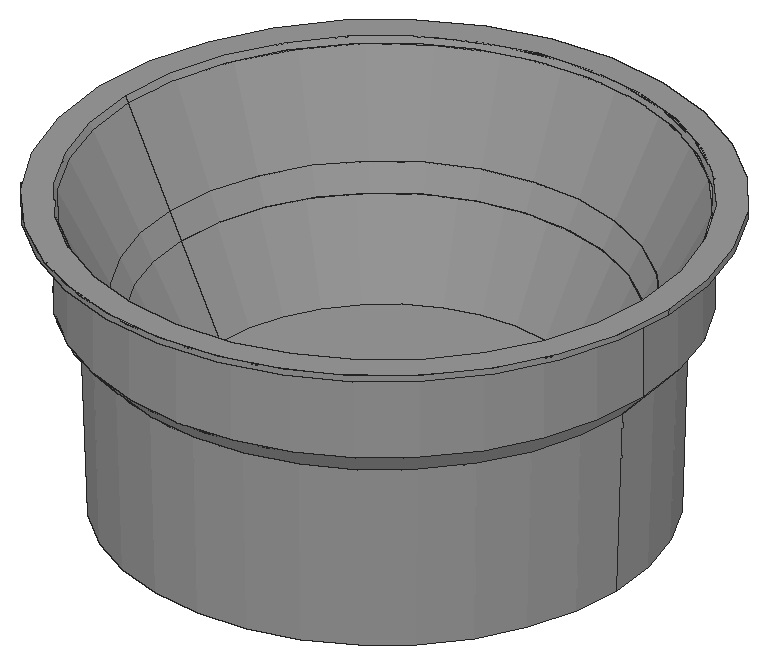
Revit family "2070160", category Lighting Fixtures, host Face, Revit 2018
Family settings
  Host = Face
  Round Connector Dimension = Use Diameter
  Part Type = Normal
  OmniClass Number = 23.80.70.00
  OmniClass Title = Lighting
  Cut with Voids When Loaded = No
  Light Source = Yes
  Shared = No
  Room Calculation Point = No
Parameters (values of type "2070160 SOLST 200 1800LM LUMI 930  DALI ")
  Weight = "n/a"
  Wattage Comments = ""
  Wattage = 9.2903 W
  WarrantyStartDate [instance] = "n/a"
  WarrantyGuarantorParts = "n/a"
  WarrantyDurationUnit = "n/a"
  WarrantyDurationParts = ""
  WarrantyDescription = "http://www.sylvania-lighting.com"
  built-in parameter 1150110 = 1 (stored number, unit not read)
  Voltage = 0 V
  URL = "0.96"
  TypeName = "Solstice 200 1800lm LUMI 930  DALI"
  Type Image = <None>
  Type Comments = "n/a"
  built-in parameter 1114217 = 1 (stored number, unit not read)
  Tilt Angle = -90.00°
  built-in parameter 1150109 = 1 (stored number, unit not read)
  built-in parameter 1150134 = 3
  built-in parameter 1150113 = 1 (stored number, unit not read)
  SerialNumber [instance] = "n/a"
  Photometric Web File = "2070160.IES"
  Material_3_SYL = none
  PowerFactor = 0
  PowerConsumption = "Lighting"
  NominalLength = 215 mm
  NominalHeight = 100 mm
  NominalDepth = 215 mm
  Name = "Solstice 200 1800lm LUMI 930  DALI"
  ModelReference = Name  # "Solstice 200 1800lm LUMI 930  DALI"
  ModelNumber = "2070160"
  Model = Name  # "Solstice 200 1800lm LUMI 930  DALI"
  Material = "Feilo Sylvania"
  ManufacturerName = "100 lm/W"
  Manufacturer = ""
  LuminousEfficacy = ""
  built-in parameter 1150105 = 109.82 (stored number, unit not read)
  Lumens = 1380 lm
  LuminaireType = "0"
  built-in parameter 1150115 = 1 (stored number, unit not read)
  LightOutputRatio = "LED"
  built-in parameter 1150137 = (empty or 0)
  built-in parameter 1150139 = (empty or 0)
  LampsType = Lamp  # "n/a"
  LampNominalLuminous = "3000 K"
  LampMacAdamStep = "97"
  LampColourTemperature = "LED"
  LampColourRenderingIndex = "16500"
  built-in parameter 1150112 = 1 (stored number, unit not read)
  built-in parameter 1150114 = 1 (stored number, unit not read)
  Lamp = "n/a"
  Keynote = "n/a"
  InstallationDate [instance] = "n/a"
  InputVoltage = "0"
  InputNominalFrequency = "3000"
  built-in parameter 1150132 = (empty or 0)
  built-in parameter 1150102 = (empty or 0)
  built-in parameter 1150107 = 3200 (stored number, unit not read)
  built-in parameter 1150138 = (empty or 0)
  IngressProtection = "IfcLightFixtureType"
  ImpactProtectionIndex = "IfcLightFixtureType"
  built-in parameter 1150106 = 1.0982 (stored number, unit not read)
  IfcExportType = "IfcLightFixtureType"
  IfcExportAs = "Class II"
  Emit from Circle Diameter = 609.6 mm
  Emit Shape Visible in Rendering = no
  ElectricShockClassification = "100"
  built-in parameter 1150104 = 13.8 (stored number, unit not read)
  DocumentationLiterature = "http://www.sylvania-lighting.com/product/en-int/products/2070160"
  DimmingControlOptions = "n/a"
  Material_2_SYL = none
  Dimming Lamp Color Temperature Shift = <None>
  Description = "The Solstice 200 1800lm LUMI 930 DALI is a high efficient DALI dimmable downlight luminaire, Colour rendering index Ra>96, Colour temperature: 3000K Warm White, Class II, Protection rating IP40/IP20, Cut out dimensions: 200mm."
  Default Elevation = 1219.2 mm
  CreatedOn = "03/08/2023"
  CreatedBy = "@sylvania-lighting.com"
  Cost = 0
  Color Filter = 16777215
  built-in parameter 1114216 [instance] = (empty or 0)
  ClassificationValue = "EF_70_80"
  ClassificationName = "Uniclass2015"
  Material_1_SYL = none
  BarCode [instance] = "n/a"
  built-in parameter 1114218 = 1 (stored number, unit not read)
  built-in parameter 1150133 = 10 (stored number, unit not read)
  AssetType = "Fixed"
  AssetIdentifier [instance] = "n/a"
  Assembly Code = "D5020200"
  Apparent Load = 18 VA
  Material_4_SYL = none
Reference planes
  plane 1 "Center (Front/Back)": y = 0
  plane 2: z = 0
  plane 3 "Center (Left/Right)": x = 0
  plane 4: x = -107.5
  plane 5: x = 107.5
  plane 6: y = 107.5
  plane 7: y = -107.5
  plane 8: z = -100
  plane 9: through (22.818, 35.261, 1219.2) normal (0.8403, -0.5421, 0)
Forms (mm)
  Extrusion 1, solid, material "Aluminum", detail levels medium+fine
    sketch origin (0, 0, 0) x (1, 0, 0) y (0, 1, 0)
      loop
        circle (0, 0) r 107.5
    from 0 to 2
  Extrusion 2, solid, material "Aluminum", detail levels medium+fine
    sketch origin (0, 0, 0) x (1, 0, 0) y (0, 1, 0)
      loop
        circle (0, 0) r 98
    from 0 to -31
  Blend 3, solid, material "Aluminum", detail levels medium+fine
    base sketch origin (0, 0, 0) x (1, 0, 0) y (0, 1, 0)
      loop
        circle (0, 0) r 98
    top sketch origin (0, 0, 0) x (1, 0, 0) y (0, 1, 0)
      loop
        circle (0, 0) r 90
    from -31 to -39.5
  Blend 4, solid, material "Aluminum", detail levels medium+fine
    base sketch origin (0, 1219.2, 38) x (1, 0, 0) y (0, 1, 0)
      loop
        circle (0, -1219.2) r 90
    top sketch origin (0, 1219.2, 38) x (1, 0, 0) y (0, 1, 0)
      loop
        circle (0, -1219.2) r 88
    from -77.5 to -138
  Blend 5, solid, material "Glass, White, High Luminance", detail levels fine
    base sketch origin (0, 1219.2, 38) x (1, 0, 0) y (0, 1, 0)
      loop
        circle (0, -1219.2) r 61.5
    top sketch origin (0, 1219.2, 38) x (1, 0, 0) y (0, 1, 0)
      loop
        circle (0, -1219.2) r 61.5
    from -108 to -106.452
  Extrusion 6, solid, material "Aluminum", detail levels medium+fine
    sketch origin (0, 1219.2, 38) x (1, 0, 0) y (0, 1, 0)
      loop
        circle (0.108, -1219.141) r 41.941
    from -137.794 to -138
  Extrusion 7, solid, detail levels coarse
    sketch origin (0, 0, 0) x (1, 0, 0) y (0, 0, 1)
      loop
        line (-107.5, 2) -> (-107.5, -100) -> (107.5, -100) -> (107.5, 2) -> (-107.5, 2)
    from -107.5 to 107.5
  Blend 8, void
    base sketch origin (0, 0, 0) x (1, 0, 0) y (0, 1, 0)
      loop
        circle (0.108, 0.059) r 98
    top sketch origin (0, 0, 0) x (1, 0, 0) y (0, 1, 0)
      loop
        circle (0.108, 0.059) r 61.5
    from 2 to -70
Cuts and joins
  Blend 8 cuts Extrusion 1
  Blend 8 cuts Extrusion 7
  Blend 8 cuts Extrusion 2
  Blend 8 cuts Blend 4
  Blend 8 cuts Blend 3
Dimensions and locks
  "NominalLength": plane 4 to plane 5
  equal spacing: plane 4, plane 3 "Center (Left/Right)", plane 5
  "NominalDepth": plane 6 to plane 7
  equal spacing: plane 6, plane 1 "Center (Front/Back)", plane 7
  "NominalHeight": level to plane 8
  aligned and locked: plane 2 to host face
  aligned and locked: level to host face
Automatic sketch dimensions
  host sketch curve to host sketch curve = 2438.4 mm  (x2)
  plane 1 "Center (Front/Back)" to Extrusion 1 sketch curve = 0 mm
  Extrusion 1 sketch curve to plane 3 "Center (Left/Right)" = 0 mm
  plane 1 "Center (Front/Back)" to Extrusion 2 sketch curve = 0 mm
  Extrusion 2 sketch curve to plane 3 "Center (Left/Right)" = 0 mm
  plane 1 "Center (Front/Back)" to Blend 3 sketch curve = 0 mm  (x2)
  Blend 3 sketch curve to plane 3 "Center (Left/Right)" = 0 mm  (x2)
  plane 1 "Center (Front/Back)" to Blend 4 sketch curve = 0 mm  (x2)
  Blend 4 sketch curve to plane 3 "Center (Left/Right)" = 0 mm  (x2)
  plane 1 "Center (Front/Back)" to Blend 5 sketch curve = 0 mm  (x2)
  Blend 5 sketch curve to plane 3 "Center (Left/Right)" = 0 mm  (x2)
  plane 3 "Center (Left/Right)" to Extrusion 6 sketch curve = 0.108 mm
  Extrusion 6 sketch curve to plane 1 "Center (Front/Back)" = 0.059 mm
  Extrusion 7 sketch curve to plane 4 = 0 mm
  plane 5 to Extrusion 7 sketch curve = 0 mm
  Extrusion 7 sketch curve to plane 8 = 0 mm
  level to Extrusion 7 sketch curve = 2 mm
  plane 9 to Blend 8 sketch curve = 0 mm  (x2)
  Blend 8 sketch curve to plane 1 "Center (Front/Back)" = 0.059 mm  (x2)
  radius of Extrusion 1 sketch curve = 107.5 mm
  radius of Extrusion 2 sketch curve = 98 mm
  radius of Blend 3 sketch curve = 98 mm
  radius of Blend 3 sketch curve = 90 mm
  radius of Blend 4 sketch curve = 90 mm
  radius of Blend 4 sketch curve = 88 mm
  radius of Blend 5 sketch curve = 61.5 mm  (x2)
  radius of Extrusion 6 sketch curve = 41.941 mm
  radius of Blend 8 sketch curve = 98 mm
  radius of Blend 8 sketch curve = 61.5 mm
Connectors
  electrical at (0.108, 0.059, -99.794)
    settings: on Extrusion 6, index 1, voltage 0 V, apparent load 0 VA, apparent load phase1 0 VA, apparent load phase2 0 VA, apparent load phase3 0 VA, power factor 1, load classification "Other", number of poles 1, system type 31, power factor state 1, is connector primary yes, connector utility no, sub classification motor no, connector description ""
